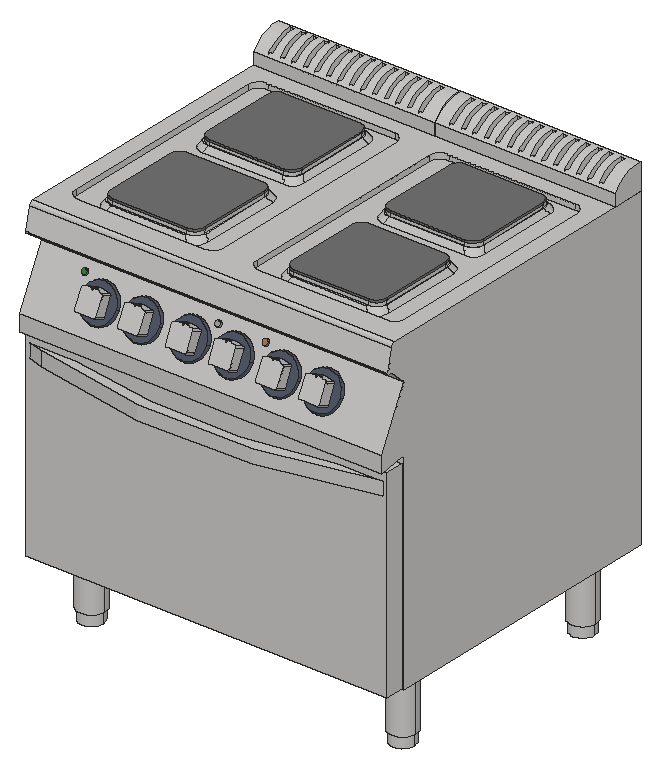
Revit family "QF_ZANUSSI_372018_Z7ECEH4QE0", category Specialty Equipment, Revit 2018 (continued)
Automatic sketch dimensions
  Extrusion 15 sketch curve to Extrusion 15 sketch curve = 40.005 mm
  Extrusion 15 sketch curve to Extrusion 15 sketch curve = 5.399 mm
  Extrusion 15 sketch curve to Extrusion 15 sketch curve = 40.037 mm
  Extrusion 15 sketch curve to Extrusion 15 sketch curve = 0 mm  (x2)
  plane 11 "panel" to Extrusion 16 sketch curve = 35 mm
  Extrusion 16 sketch curve to plane 5 "FRONT" = 9.329 mm
  Extrusion 16 sketch curve to Extrusion 16 sketch curve = 3 mm
  Extrusion 16 sketch curve to Extrusion 16 sketch curve = 0 mm  (x2)
  Extrusion 16 sketch curve to Extrusion 16 sketch curve = 1 mm
  Extrusion 16 sketch curve to Extrusion 16 sketch curve = 15 mm
  plane 3 "LEFT" to Extrusion 17 sketch curve = 135 mm
  Extrusion 17 sketch curve to Extrusion 17 sketch curve = 35 mm  (x2)
  plane 11 "panel" to Extrusion 18 sketch curve = 35 mm
  Extrusion 18 sketch curve to plane 5 "FRONT" = 9.329 mm
  Extrusion 18 sketch curve to Extrusion 18 sketch curve = 3 mm
  Extrusion 18 sketch curve to Extrusion 18 sketch curve = 0 mm
  Extrusion 18 sketch curve to Extrusion 18 sketch curve = 1 mm  (x2)
  Extrusion 18 sketch curve to Extrusion 18 sketch curve = 15 mm
  Extrusion 19 sketch curve to plane 7 "Center Y" = 135.05 mm
  Extrusion 19 sketch curve to Extrusion 19 sketch curve = 35 mm  (x2)
  Blend 20 sketch curve to plane 7 "Center Y" = 152.55 mm  (x2)
  Extrusion 21 sketch curve to plane 7 "Center Y" = 129.55 mm
  Extrusion 21 sketch curve to Extrusion 21 sketch curve = 2.997 mm  (x3)
  Extrusion 21 sketch curve to Extrusion 21 sketch curve = 20.003 mm  (x2)
  Extrusion 21 sketch curve to Extrusion 21 sketch curve = 40.005 mm
  Extrusion 21 sketch curve to Extrusion 21 sketch curve = 0 mm  (x2)
  Extrusion 21 sketch curve to Extrusion 21 sketch curve = 40.037 mm
  Extrusion 21 sketch curve to Extrusion 21 sketch curve = 5.399 mm
  Split face 2 sketch curve to Split face 2 sketch curve = 6 mm
  Split face 2 sketch curve to Split face 2 sketch curve = 10 mm
  Split face 3 sketch curve to Split face 3 sketch curve = 5 mm
  Split face 3 sketch curve to Split face 3 sketch curve = 9 mm
  Split face 4 sketch curve to Split face 4 sketch curve = 5 mm
  Split face 5 sketch curve to Split face 5 sketch curve = 5 mm
  Split face 6 sketch curve to Split face 6 sketch curve = 6 mm
  Split face 6 sketch curve to Split face 6 sketch curve = 10 mm
  Split face 7 sketch curve to Split face 7 sketch curve = 5 mm
  Split face 7 sketch curve to Split face 7 sketch curve = 9 mm
  Split face 8 sketch curve to Split face 8 sketch curve = 5 mm
  Split face 9 sketch curve to Split face 9 sketch curve = 5 mm
  plane 7 "Center Y" to Blend 22 sketch curve = 47.45 mm  (x2)
  plane 7 "Center Y" to Extrusion 23 sketch curve = 24.45 mm
  Extrusion 23 sketch curve to Extrusion 23 sketch curve = 2.997 mm  (x3)
  Extrusion 23 sketch curve to Extrusion 23 sketch curve = 20.003 mm  (x2)
  Extrusion 23 sketch curve to Extrusion 23 sketch curve = 40.005 mm
  Extrusion 23 sketch curve to Extrusion 23 sketch curve = 5.399 mm
  Extrusion 23 sketch curve to Extrusion 23 sketch curve = 40.037 mm
  Extrusion 23 sketch curve to Extrusion 23 sketch curve = 0 mm  (x2)
  plane 7 "Center Y" to Blend 24 sketch curve = 152.45 mm  (x2)
  plane 7 "Center Y" to Extrusion 25 sketch curve = 129.45 mm
  Extrusion 25 sketch curve to Extrusion 25 sketch curve = 2.997 mm  (x3)
  Extrusion 25 sketch curve to Extrusion 25 sketch curve = 20.003 mm  (x2)
  Extrusion 25 sketch curve to Extrusion 25 sketch curve = 40.005 mm
  Extrusion 25 sketch curve to Extrusion 25 sketch curve = 5.399 mm
  Extrusion 25 sketch curve to Extrusion 25 sketch curve = 40.037 mm
  Extrusion 25 sketch curve to Extrusion 25 sketch curve = 0 mm  (x2)
  plane 11 "panel" to Extrusion 26 sketch curve = 35 mm
  Extrusion 26 sketch curve to plane 5 "FRONT" = 9.329 mm
  Extrusion 26 sketch curve to Extrusion 26 sketch curve = 3 mm
  Extrusion 26 sketch curve to Extrusion 26 sketch curve = 0 mm  (x2)
  Extrusion 26 sketch curve to Extrusion 26 sketch curve = 1 mm
  Extrusion 26 sketch curve to Extrusion 26 sketch curve = 15 mm
  plane 7 "Center Y" to Extrusion 27 sketch curve = 134.95 mm
  Extrusion 27 sketch curve to Extrusion 27 sketch curve = 35 mm  (x2)
  plane 11 "panel" to Extrusion 28 sketch curve = 35 mm
  Extrusion 28 sketch curve to plane 5 "FRONT" = 9.329 mm
  Extrusion 28 sketch curve to Extrusion 28 sketch curve = 3 mm
  Extrusion 28 sketch curve to Extrusion 28 sketch curve = 0 mm
  Extrusion 28 sketch curve to Extrusion 28 sketch curve = 1 mm  (x2)
  Extrusion 28 sketch curve to Extrusion 28 sketch curve = 15 mm
  Extrusion 29 sketch curve to plane 4 "RIGHT" = 135.1 mm
  Extrusion 29 sketch curve to Extrusion 29 sketch curve = 35 mm  (x2)
  Blend 30 sketch curve to plane 4 "RIGHT" = 152.6 mm  (x2)
  Extrusion 31 sketch curve to plane 4 "RIGHT" = 129.6 mm
  Extrusion 31 sketch curve to Extrusion 31 sketch curve = 2.997 mm  (x3)
  Extrusion 31 sketch curve to Extrusion 31 sketch curve = 20.003 mm  (x2)
  Extrusion 31 sketch curve to Extrusion 31 sketch curve = 40.005 mm
  Extrusion 31 sketch curve to Extrusion 31 sketch curve = 0 mm  (x2)
  Extrusion 31 sketch curve to Extrusion 31 sketch curve = 40.037 mm
  Extrusion 31 sketch curve to Extrusion 31 sketch curve = 5.399 mm
  Split face 31 sketch curve to Split face 31 sketch curve = 6 mm
  Split face 31 sketch curve to Split face 31 sketch curve = 10 mm
  Split face 32 sketch curve to Split face 32 sketch curve = 5 mm
  Split face 32 sketch curve to Split face 32 sketch curve = 9 mm
  Split face 33 sketch curve to Split face 33 sketch curve = 5 mm
  Split face 34 sketch curve to Split face 34 sketch curve = 5 mm
  Split face 35 sketch curve to Split face 35 sketch curve = 6 mm
  Split face 35 sketch curve to Split face 35 sketch curve = 10 mm
  Split face 36 sketch curve to Split face 36 sketch curve = 5 mm
  Split face 36 sketch curve to Split face 36 sketch curve = 9 mm
  Split face 37 sketch curve to Split face 37 sketch curve = 5 mm
  Split face 38 sketch curve to Split face 38 sketch curve = 5 mm
  plane 11 "panel" to Extrusion 32 sketch curve = 35 mm
  Extrusion 32 sketch curve to plane 5 "FRONT" = 9.329 mm
  Extrusion 32 sketch curve to Extrusion 32 sketch curve = 3 mm
  Extrusion 32 sketch curve to Extrusion 32 sketch curve = 0 mm
  Extrusion 32 sketch curve to Extrusion 32 sketch curve = 1 mm  (x2)
  Extrusion 32 sketch curve to Extrusion 32 sketch curve = 15 mm
  Extrusion 33 sketch curve to plane 7 "Center Y" = 30.05 mm
  Extrusion 33 sketch curve to Extrusion 33 sketch curve = 35 mm  (x2)
  Extrusion 34 sketch curve to plane 7 "Center Y" = 24.55 mm
  Extrusion 34 sketch curve to Extrusion 34 sketch curve = 2.997 mm  (x3)
  Extrusion 34 sketch curve to Extrusion 34 sketch curve = 20.003 mm  (x2)
  Extrusion 34 sketch curve to Extrusion 34 sketch curve = 40.005 mm
  Extrusion 34 sketch curve to Extrusion 34 sketch curve = 0 mm  (x2)
  Extrusion 34 sketch curve to Extrusion 34 sketch curve = 40.037 mm
  Extrusion 34 sketch curve to Extrusion 34 sketch curve = 5.399 mm
  Blend 35 sketch curve to plane 7 "Center Y" = 47.55 mm  (x2)
  Split face 47 sketch curve to Split face 47 sketch curve = 6 mm
  Split face 47 sketch curve to Split face 47 sketch curve = 2 mm
  plane 11 "panel" to Extrusion 36 sketch curve = 35 mm
  Extrusion 36 sketch curve to plane 5 "FRONT" = 9.329 mm
  Extrusion 36 sketch curve to Extrusion 36 sketch curve = 3 mm
  Extrusion 36 sketch curve to Extrusion 36 sketch curve = 0 mm
  Extrusion 36 sketch curve to Extrusion 36 sketch curve = 1 mm  (x2)
  Extrusion 36 sketch curve to Extrusion 36 sketch curve = 15 mm
  plane 7 "Center Y" to Extrusion 37 sketch curve = 64.95 mm
  plane 7 "Center Y" to Extrusion 37 sketch curve = 29.95 mm
  Extrusion 37 sketch curve to Extrusion 37 sketch curve = 35 mm
  Split face 48 sketch curve to Split face 48 sketch curve = 6 mm
  Split face 48 sketch curve to Split face 48 sketch curve = 2 mm
  Split face 49 sketch curve to Split face 49 sketch curve = 6 mm
  Split face 49 sketch curve to Split face 49 sketch curve = 2 mm
  Extrusion 38 sketch curve to plane 7 "Center Y" = 0.05 mm
  plane 7 "Center Y" to Extrusion 39 sketch curve = 104.95 mm
  plane 3 "LEFT" to Extrusion 40 sketch curve = 105 mm
  curve 12 to plane 7 "Center Y" = 0 mm
  curve 29 to plane 7 "Center Y" = 0 mm
  plane 5 "FRONT" to curve 142 = 0 mm
  curve 9 to plane 3 "LEFT" = 0 mm
  curve 7 to plane 3 "LEFT" = 0 mm
  plane 1 "BACK" to curve 6 = 0 mm
  plane 5 "FRONT" to curve 11 = 0 mm
  plane 4 "RIGHT" to curve 3 = 150.019 mm
  plane 1 "BACK" to curve 86 = 6.761 mm
  curve 86 to plane 4 "RIGHT" = 29.703 mm
  curve 23 to plane 4 "RIGHT" = 35.025 mm
  curve 87 to curve 88 = 9.296 mm
  plane 1 "BACK" to curve 90 = 6.761 mm
  curve 86 to curve 90 = 16.193 mm
  curve 24 to curve 24 = 25.4 mm
  curve 22 to curve 22 = 25.4 mm
  curve 91 to curve 93 = 9.296 mm
  plane 1 "BACK" to curve 94 = 6.761 mm
  curve 90 to curve 94 = 16.193 mm
  curve 95 to curve 97 = 9.296 mm
  curve 96 to curve 99 = 16.193 mm
  curve 99 to curve 101 = 9.296 mm
  plane 1 "BACK" to curve 102 = 6.761 mm
  curve 98 to curve 102 = 16.193 mm
  curve 103 to curve 104 = 9.296 mm
  curve 104 to curve 108 = 16.193 mm
  curve 107 to curve 108 = 9.296 mm
  plane 1 "BACK" to curve 111 = 6.761 mm
  curve 106 to curve 111 = 16.193 mm
  curve 111 to curve 113 = 9.296 mm
  plane 1 "BACK" to curve 114 = 6.761 mm
  curve 110 to curve 114 = 16.193 mm
  curve 115 to curve 116 = 9.296 mm
  plane 1 "BACK" to curve 118 = 6.761 mm
  curve 114 to curve 118 = 16.193 mm
  curve 118 to curve 121 = 9.296 mm
  plane 1 "BACK" to curve 123 = 6.761 mm
  curve 118 to curve 123 = 16.193 mm
  curve 123 to curve 124 = 9.296 mm
  curve 124 to curve 128 = 16.193 mm
  curve 127 to curve 128 = 9.296 mm
  curve 128 to curve 132 = 16.193 mm
  curve 131 to curve 132 = 9.296 mm
  plane 1 "BACK" to curve 135 = 6.761 mm
  curve 130 to curve 135 = 16.193 mm
  plane 7 "Center Y" to curve 26 = 60.425 mm
  curve 135 to curve 21 = 4.062 mm
  curve 134 to curve 137 = 9.296 mm
  plane 1 "BACK" to curve 138 = 6.761 mm
  curve 134 to curve 138 = 16.193 mm
  curve 28 to curve 27 = 25.4 mm
  curve 138 to curve 141 = 9.296 mm
  plane 1 "BACK" to curve 85 = 6.761 mm
  curve 85 to plane 7 "Center Y" = 29.703 mm
  curve 15 to plane 7 "Center Y" = 35.025 mm
  curve 84 to curve 83 = 9.296 mm
  curve 83 to curve 81 = 16.193 mm
  curve 16 to curve 17 = 25.4 mm
  curve 15 to curve 14 = 25.4 mm
  curve 80 to curve 80 = 9.296 mm
  curve 79 to curve 77 = 16.193 mm
  curve 76 to curve 75 = 9.296 mm
  curve 75 to curve 72 = 16.193 mm
  curve 70 to curve 71 = 9.296 mm
  curve 71 to curve 69 = 16.193 mm
  curve 68 to curve 67 = 9.296 mm
  plane 1 "BACK" to curve 65 = 6.761 mm
  curve 66 to curve 65 = 16.193 mm
  curve 64 to curve 63 = 9.296 mm
  plane 1 "BACK" to curve 61 = 6.761 mm
  curve 62 to curve 61 = 16.193 mm
  curve 60 to curve 59 = 9.296 mm
  plane 1 "BACK" to curve 57 = 6.761 mm
  curve 58 to curve 57 = 16.193 mm
  curve 56 to curve 55 = 9.296 mm
  plane 1 "BACK" to curve 53 = 6.761 mm
  curve 54 to curve 53 = 16.193 mm
  curve 52 to curve 51 = 9.296 mm
  plane 1 "BACK" to curve 49 = 6.761 mm
  curve 50 to curve 49 = 16.193 mm
  curve 48 to curve 47 = 9.296 mm
  plane 1 "BACK" to curve 45 = 6.761 mm
  curve 46 to curve 45 = 16.193 mm
  curve 44 to curve 44 = 9.296 mm
  plane 1 "BACK" to curve 41 = 6.761 mm
  curve 42 to curve 41 = 16.193 mm
  curve 40 to curve 39 = 9.296 mm
  curve 39 to curve 37 = 16.193 mm
  plane 3 "LEFT" to curve 18 = 60.425 mm
  curve 36 to curve 13 = 4.062 mm
  curve 34 to curve 35 = 9.296 mm
  plane 1 "BACK" to curve 30 = 6.761 mm
  curve 34 to curve 30 = 16.193 mm
  curve 18 to curve 19 = 25.4 mm
  curve 30 to curve 30 = 9.296 mm
  curve 2 to plane 3 "LEFT" = 150.019 mm
  curve 1 to plane 1 "BACK" = 150.019 mm
  plane 1 "BACK" to curve 133 = 6.761 mm
  plane 1 "BACK" to curve 129 = 6.761 mm
  plane 1 "BACK" to curve 109 = 6.761 mm
  plane 1 "BACK" to curve 101 = 6.761 mm
  plane 1 "BACK" to curve 81 = 6.761 mm
  plane 1 "BACK" to curve 34 = 6.761 mm
  plane 1 "BACK" to curve 77 = 6.761 mm
  plane 1 "BACK" to curve 73 = 6.761 mm
  plane 1 "BACK" to curve 69 = 6.761 mm
  curve 54 to curve 56 = 57.15 mm
  curve 56 to curve 59 = 0 mm
  curve 53 to curve 55 = 0 mm
  curve 60 to curve 63 = 0 mm
  curve 49 to curve 51 = 0 mm
  curve 64 to curve 67 = 0 mm
  curve 45 to curve 47 = 0 mm
  curve 68 to curve 71 = 0 mm
  curve 41 to curve 43 = 0 mm
  curve 72 to curve 75 = 0 mm
  curve 37 to curve 39 = 0 mm
  curve 76 to curve 79 = 0 mm
  curve 33 to curve 35 = 0 mm
  curve 80 to curve 83 = 0 mm
  curve 138 to curve 141 = 57.15 mm
  curve 86 to curve 87 = 57.15 mm
  curve 139 to curve 137 = 0 mm
  curve 91 to curve 88 = 0 mm
  curve 135 to curve 133 = 0 mm
  curve 95 to curve 92 = 0 mm
  curve 131 to curve 129 = 0 mm
  curve 99 to curve 96 = 0 mm
  curve 127 to curve 125 = 0 mm
  curve 103 to curve 100 = 0 mm
  curve 123 to curve 121 = 0 mm
  curve 107 to curve 104 = 0 mm
  curve 119 to curve 117 = 0 mm
  curve 111 to curve 108 = 0 mm
  curve 92 to curve 21 = 40.974 mm
  curve 36 to curve 13 = 40.974 mm
  curve 19 to plane 5 "FRONT" = 110.765 mm
  curve 15 to curve 26 = 0 mm
  plane 5 "FRONT" to curve 10 = 379.413 mm
  curve 142 to curve 17 = 69.075 mm
  curve 12 to curve 84 = 0.898 mm
  curve 7 to curve 31 = 0.898 mm
  curve 7 to curve 7 = 6.838 mm
  curve 8 to curve 7 = 0 mm
  plane 5 "FRONT" to curve 1 = 1.377 mm
  plane 5 "FRONT" to curve 3 = 1.377 mm
  curve 6 to plane 4 "RIGHT" = 0 mm
  Extrusion 41 sketch curve to Extrusion 41 sketch curve = 0 mm  (x6)
  Extrusion 41 sketch curve to plane 7 "Center Y" = 0 mm
  Extrusion 41 sketch curve to plane 5 "FRONT" = 15 mm  (x2)
  Extrusion 41 sketch curve to plane 4 "RIGHT" = 103.655 mm
  Extrusion 41 sketch curve to plane 4 "RIGHT" = 10.05 mm
  Extrusion 41 sketch curve to plane 1 "BACK" = 537.5 mm
  Extrusion 41 sketch curve to plane 5 "FRONT" = 4.65 mm
  Extrusion 1 sketch curve to plane 9 "TOP A" = 210.492 mm
  Extrusion 1 sketch curve to plane 8 "Center X" = 357.5 mm
  Extrusion 1 sketch curve to plane 8 "Center X" = 342.5 mm
  Extrusion 1 sketch curve to plane 6 "TOP" = 110.989 mm
  Extrusion 1 sketch curve to plane 8 "Center X" = 342.384 mm
  Extrusion 1 sketch curve to Extrusion 1 sketch curve = 2.884 mm
  Extrusion 1 sketch curve to Extrusion 1 sketch curve = 13.051 mm
  Extrusion 1 sketch curve to plane 6 "TOP" = 114.816 mm
  Extrusion 1 sketch curve to Extrusion 1 sketch curve = 10.198 mm
  Extrusion 1 sketch curve to Extrusion 1 sketch curve = 7.474 mm
  Extrusion 1 sketch curve to Extrusion 1 sketch curve = 40 mm
  Extrusion 1 sketch curve to Extrusion 1 sketch curve = 1.355 mm
  Extrusion 1 sketch curve to Extrusion 1 sketch curve = 0.445 mm
  Extrusion 1 sketch curve to Extrusion 1 sketch curve = 5 mm  (x2)
  Extrusion 1 sketch curve to plane 6 "TOP" = 146.636 mm
  Extrusion 1 sketch curve to Extrusion 1 sketch curve = 31.82 mm
  Extrusion 1 sketch curve to plane 1 "BACK" = 0 mm
  Extrusion 1 sketch curve to Extrusion 1 sketch curve = 27.08 mm
  Extrusion 1 sketch curve to Extrusion 1 sketch curve = 35 mm
  Extrusion 1 sketch curve to Extrusion 1 sketch curve = 10.259 mm
  plane 10 "Base" to Extrusion 1 sketch curve = 5 mm
  Extrusion 1 sketch curve to Extrusion 1 sketch curve = 46.342 mm
  Extrusion 8 sketch curve to plane 12 = 15.162 mm
  plane 10 "Base" to Extrusion 8 sketch curve = 5.442 mm
  Extrusion 8 sketch curve to Extrusion 8 sketch curve = 19.837 mm
  plane 10 "Base" to Extrusion 8 sketch curve = 5 mm
  plane 5 "FRONT" to Extrusion 8 sketch curve = 395 mm
  radius of Extrusion 7 sketch curve = 12.7 mm
  radius of Blend 14 sketch curve = 42.5 mm
  radius of Blend 14 sketch curve = 40.5 mm
  radius of Split face 1 sketch curve = 3 mm
  radius of Blend 20 sketch curve = 42.5 mm
  radius of Blend 20 sketch curve = 40.5 mm
  radius of Split face 10 sketch curve = 1.5 mm
  radius of Split face 11 sketch curve = 2.029 mm
  radius of Split face 12 sketch curve = 2.031 mm
  radius of Split face 13 sketch curve = 3.497 mm
  radius of Split face 14 sketch curve = 3.497 mm
  radius of Split face 15 sketch curve = 3 mm
  radius of Split face 16 sketch curve = 1.5 mm
  radius of Blend 22 sketch curve = 42.5 mm
  radius of Blend 22 sketch curve = 40.5 mm
  radius of Split face 17 sketch curve = 1 mm
  radius of Split face 18 sketch curve = 1 mm
  radius of Split face 19 sketch curve = 1 mm
  radius of Split face 20 sketch curve = 1 mm
  radius of Split face 21 sketch curve = 1 mm
  radius of Split face 22 sketch curve = 1 mm
  radius of Split face 23 sketch curve = 1 mm
  radius of Split face 24 sketch curve = 1 mm
  radius of Split face 25 sketch curve = 1 mm
  radius of Split face 26 sketch curve = 1 mm
  radius of Split face 27 sketch curve = 1 mm
  radius of Split face 28 sketch curve = 1 mm
  radius of Split face 29 sketch curve = 1 mm
  radius of Blend 24 sketch curve = 42.5 mm
  radius of Blend 24 sketch curve = 40.5 mm
  radius of Split face 30 sketch curve = 3 mm
  radius of Blend 30 sketch curve = 42.5 mm
  radius of Blend 30 sketch curve = 40.5 mm
  radius of Split face 39 sketch curve = 1.5 mm
  radius of Split face 40 sketch curve = 2.029 mm
  radius of Split face 41 sketch curve = 2.031 mm
  radius of Split face 42 sketch curve = 3.497 mm
  radius of Split face 43 sketch curve = 3.497 mm
  radius of Split face 44 sketch curve = 3 mm
  radius of Split face 45 sketch curve = 1.5 mm
  radius of Split face 46 sketch curve = 1 mm
  radius of Blend 35 sketch curve = 42.5 mm
  radius of Blend 35 sketch curve = 40.5 mm
  radius of Split face 50 sketch curve = 1.714 mm
  radius of Extrusion 38 sketch curve = 6 mm
  radius of Extrusion 39 sketch curve = 6 mm
  radius of Extrusion 40 sketch curve = 6 mm
Nested families
  nested 1: "QF_372018_HOT PLATES" at (85.025, -118.773, 838.3), type "QF_372018_HOT PLATES"
    with Type Mark "", Specification by User "", Revision Code "", Item Number "", Installed By "", Identify Quantity as Lot yes, Furnished By "", Foodservice Equipment Identifier yes
  nested 2: "QF_372018_HOT PLATES" at (85.025, -615.747, 838.3), type "QF_372018_HOT PLATES"
    with Type Mark "", Specification by User "", Revision Code "", Item Number "", Installed By "", Identify Quantity as Lot yes, Furnished By "", Foodservice Equipment Identifier yes
  nested 3: "QF_372018_HOT PLATES" at (715.075, -118.773, 838.3) x (-1, 0, 0) z (0, 0, 1), type "QF_372018_HOT PLATES"
    with Type Mark "", Specification by User "", Revision Code "", Item Number "", Installed By "", Identify Quantity as Lot yes, Furnished By "", Foodservice Equipment Identifier yes
  nested 4: "QF_372018_HOT PLATES" at (715.075, -615.747, 838.3) x (-1, 0, 0) z (0, 0, 1), type "QF_372018_HOT PLATES"
    with Type Mark "", Specification by User "", Revision Code "", Item Number "", Installed By "", Identify Quantity as Lot yes, Furnished By "", Foodservice Equipment Identifier yes
Connectors
  electrical at (752.375, -512.762, 150), driven by "Volts", driven by "Watts"
    settings: on Extrusion 7, index 1, voltage 400 V, apparent load 16400 VA, apparent load phase1 0 VA, apparent load phase2 0 VA, apparent load phase3 0 VA, power factor 1, load classification "Other", number of poles 1, system type 30, power factor state 1, is connector primary yes, connector utility no, sub classification motor no, connector description "Electrical Connection"
Definition of nested family "QF_372018_HOT PLATES"
  Parameters
    Width = 230 mm  # constant formula
    Weight in Pounds = 0
    URL Cutsheet = ""
    URL = ""
    Type Mark [instance] = ""
    Specification by User [instance] = ""
    Specification by Manufacturer = ""
    Serial Number = ""
    Seismic Rating = ""
    SMACNA No = ""
    Revision Code [instance] = ""
    Omniclass Number and Title = ""
    NAFEM Spec ID Number = ""
    Model = "372018"
    Masterspec = ""
    Manufacturer = ""
    Item Number [instance] = ""
    Installed By [instance] = ""
    Identify Quantity as Lot [instance] = yes
    Height = 23 mm  # constant formula
    Furnished By [instance] = ""
    Foodservice Equipment Identifier [instance] = yes
    Description = ""
    Depth = 230 mm  # constant formula
    CSI MasterFormat = ""
    CSI Master Format = ""
    Assembly Code = ""
  Reference planes
    plane 1 "BACK": y = 0
    plane 2: z = 0
    plane 3 "LEFT": x = 0
    plane 4 "RIGHT": x = 230
    plane 5 "FRONT": y = -230
    plane 6 "TOP": z = 23
    plane 7 "Center Y": x = 115
    plane 8 "Center X": y = -115
  Forms (mm)
    Extrusion 1, solid
      sketch origin (-72.525, 113.875, 19.181) x (1, 0, 0) y (0, 1, 0)
        loop
          arc (82.823, -310.573) -> (89.325, -326.271) -> (105.023, -332.773) r 22.2
          line (105.023, -332.773) -> (269.223, -332.773)
          arc (269.223, -332.773) -> (284.921, -326.271) -> (291.423, -310.573) r 22.2
          line (291.423, -310.573) -> (291.423, -146.373)
          arc (291.423, -146.373) -> (284.921, -130.675) -> (269.223, -124.173) r 22.2
          line (269.223, -124.173) -> (105.023, -124.173)
          arc (105.023, -124.173) -> (89.325, -130.675) -> (82.823, -146.373) r 22.2
          line (82.823, -146.373) -> (82.823, -310.573)
      from 0 to 3.819
    Blend 2, solid
      base sketch origin (-72.525, 113.875, 0) x (1, 0, 0) y (0, 1, 0)
        loop
          arc (97.925, -113.875) -> (79.964, -121.314) -> (72.525, -139.275) r 25.4
          line (72.525, -139.275) -> (72.525, -318.475)
          arc (72.525, -318.475) -> (79.964, -336.436) -> (97.925, -343.875) r 25.4
          line (97.925, -343.875) -> (277.125, -343.875)
          arc (277.125, -343.875) -> (295.086, -336.436) -> (302.525, -318.475) r 25.4
          line (302.525, -318.475) -> (302.525, -139.275)
          arc (302.525, -139.275) -> (295.086, -121.314) -> (277.125, -113.875) r 25.4
          line (277.125, -113.875) -> (97.925, -113.875)
      top sketch origin (-72.525, 113.875, 0) x (1, 0, 0) y (0, 1, 0)
        loop
          line (105.023, -335.973) -> (269.223, -335.973)
          arc (269.223, -335.973) -> (287.183, -328.533) -> (294.623, -310.573) r 25.4
          line (294.623, -310.573) -> (294.623, -146.373)
          arc (294.623, -146.373) -> (287.183, -128.412) -> (269.223, -120.973) r 25.4
          line (269.223, -120.973) -> (105.023, -120.973)
          arc (105.023, -120.973) -> (87.062, -128.412) -> (79.623, -146.373) r 25.4
          line (79.623, -146.373) -> (79.623, -310.573)
          arc (79.623, -310.573) -> (87.062, -328.533) -> (105.023, -335.973) r 25.4
      from 0 to 11.731
    Extrusion 3, solid
      sketch origin (-72.525, 113.875, 11.731) x (1, 0, 0) y (0, 1, 0)
        loop
          line (105.023, -332.773) -> (269.223, -332.773)
          arc (269.223, -332.773) -> (284.921, -326.271) -> (291.423, -310.573) r 22.2
          line (291.423, -310.573) -> (291.423, -146.373)
          arc (291.423, -146.373) -> (284.921, -130.675) -> (269.223, -124.173) r 22.2
          line (269.223, -124.173) -> (105.023, -124.173)
          arc (105.023, -124.173) -> (89.325, -130.675) -> (82.823, -146.373) r 22.2
          line (82.823, -146.373) -> (82.823, -310.573)
          arc (82.823, -310.573) -> (89.325, -326.271) -> (105.023, -332.773) r 22.2
      from 0 to 7.45
  Lines and regions (mm)
    symbolic lines
      curve 1: arc (0, -25.4, 0) -> (7.439, -7.439, 0) -> (25.4, 0, 0) r 25.4
      curve 2: line (25.4, 0, 0) -> (204.6, 0, 0)
      curve 3: arc (204.6, 0, 0) -> (222.561, -7.439, 0) -> (230, -25.4, 0) r 25.4
      curve 4: line (230, -25.4, 0) -> (230, -204.6, 0)
      curve 5: line (0, -204.6, 0) -> (0, -25.4, 0)
      curve 6: arc (25.4, -230, 0) -> (7.439, -222.561, 0) -> (0, -204.6, 0) r 25.4
      curve 7: line (204.6, -230, 0) -> (25.4, -230, 0)
      curve 8: arc (230, -204.6, 0) -> (222.561, -222.561, 0) -> (204.6, -230, 0) r 25.4
      curve 9: line (196.698, -7.098, 0) -> (32.498, -7.098, 0)
      curve 10: arc (32.498, -7.098, 0) -> (14.537, -14.537, 0) -> (7.098, -32.498, 0) r 25.4
      curve 11: line (7.098, -32.498, 0) -> (7.098, -196.698, 0)
      curve 12: arc (7.098, -196.698, 0) -> (14.537, -214.658, 0) -> (32.498, -222.098, 0) r 25.4
      curve 13: line (32.498, -222.098, 0) -> (196.698, -222.098, 0)
      curve 14: arc (196.698, -222.098, 0) -> (214.658, -214.658, 0) -> (222.098, -196.698, 0) r 25.4
      curve 15: line (222.098, -196.698, 0) -> (222.098, -32.498, 0)
      curve 16: arc (222.098, -32.498, 0) -> (214.658, -14.537, 0) -> (196.698, -7.098, 0) r 25.4
      curve 17: line (196.698, -10.298, 0) -> (32.498, -10.298, 0)
      curve 18: arc (32.498, -10.298, 0) -> (16.8, -16.8, 0) -> (10.298, -32.498, 0) r 22.2
      curve 19: line (10.298, -32.498, 0) -> (10.298, -196.698, 0)
      curve 20: arc (10.298, -196.698, 0) -> (16.8, -212.396, 0) -> (32.498, -218.898, 0) r 22.2
      curve 21: line (32.498, -218.898, 0) -> (196.698, -218.898, 0)
      curve 22: arc (196.698, -218.898, 0) -> (212.396, -212.396, 0) -> (218.898, -196.698, 0) r 22.2
      curve 23: line (218.898, -196.698, 0) -> (218.898, -32.498, 0)
      curve 24: arc (218.898, -32.498, 0) -> (212.396, -16.8, 0) -> (196.698, -10.298, 0) r 22.2
  Dimensions and locks
    equal spacing: plane 3 "LEFT", plane 7 "Center Y", plane 4 "RIGHT"
    "Width": plane 3 "LEFT" to plane 4 "RIGHT"
    equal spacing: plane 5 "FRONT", plane 8 "Center X", plane 1 "BACK"
    "Depth": plane 5 "FRONT" to plane 1 "BACK"
    plane 1 "BACK" to plane 5 "FRONT" = 230 mm
    "Height": plane 6 "TOP" to level
    aligned and locked: level to plane 2
  Automatic sketch dimensions
    Blend 2 sketch curve to plane 3 "LEFT" = 0 mm
    plane 1 "BACK" to Blend 2 sketch curve = 0 mm
    plane 5 "FRONT" to Blend 2 sketch curve = 0 mm
    Blend 2 sketch curve to plane 4 "RIGHT" = 0 mm
    plane 3 "LEFT" to Blend 2 sketch curve = 25.4 mm  (x2)
    Blend 2 sketch curve to plane 4 "RIGHT" = 25.4 mm  (x2)
    plane 3 "LEFT" to Blend 2 sketch curve = 7.098 mm
    plane 1 "BACK" to Blend 2 sketch curve = 7.098 mm
    plane 3 "LEFT" to Blend 2 sketch curve = 32.498 mm
    Blend 2 sketch curve to Blend 2 sketch curve = 25.4 mm
    Blend 2 sketch curve to plane 5 "FRONT" = 7.902 mm
    Blend 2 sketch curve to plane 4 "RIGHT" = 33.302 mm  (x2)
    Blend 2 sketch curve to plane 4 "RIGHT" = 7.902 mm
    Extrusion 3 sketch curve to Extrusion 3 sketch curve = 22.2 mm
    Extrusion 3 sketch curve to Blend 2 = 25.4 mm
    Extrusion 1 sketch curve to Extrusion 3 = 22.2 mm
    Extrusion 1 sketch curve to Extrusion 1 sketch curve = 22.2 mm
    curve 1 to plane 3 "LEFT" = 0 mm
    plane 1 "BACK" to curve 1 = 0 mm
    plane 3 "LEFT" to curve 1 = 25.4 mm
    curve 2 to plane 4 "RIGHT" = 25.4 mm
    curve 3 to plane 4 "RIGHT" = 0 mm
    curve 4 to plane 5 "FRONT" = 25.4 mm
    curve 5 to plane 5 "FRONT" = 25.4 mm
    plane 5 "FRONT" to curve 6 = 0 mm
    plane 3 "LEFT" to curve 11 = 7.098 mm
    curve 6 to curve 13 = 7.098 mm
    plane 1 "BACK" to curve 10 = 7.098 mm
    curve 1 to curve 10 = 7.098 mm
    curve 14 to curve 7 = 7.902 mm
    curve 16 to curve 3 = 7.902 mm
    curve 16 to plane 4 "RIGHT" = 7.902 mm
    curve 13 to plane 5 "FRONT" = 7.902 mm
    curve 10 to curve 18 = 0 mm  (x2)
    curve 12 to curve 20 = 0 mm  (x2)
    curve 14 to curve 22 = 0 mm  (x2)
    curve 16 to curve 24 = 0 mm
    curve 10 to curve 19 = 3.2 mm
    radius of Extrusion 3 sketch curve to Blend 2 = 3.2 mm  (x2)
    radius of Extrusion 1 sketch curve to Extrusion 3 = 0 mm  (x2)
